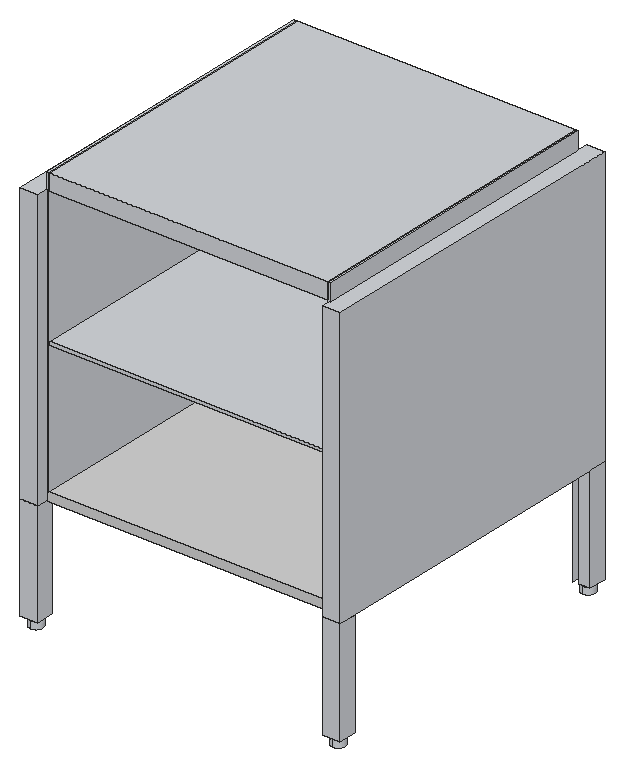
Revit family "Base_Cabinet-Brown_Jordan-ELEMENTS-Open_Base", category Casework, Revit 2026
Family settings
  Classification Number = 23.40.35.17.47
  Work Plane-Based = No
  Always vertical = Yes
  Cut with Voids When Loaded = No
  Shared = No
  Room Calculation Point = No
Parameters (values of type "24" Width - 0 Drawers - 0 Doors - 28" Depth")
  Warranty URL = "https://brownjordanoutdoorkitchens.com/wp-content/uploads/2021/10/Warranty_Combo_2020.pdf"
  Version = "2019 - V1.0b"  # constant formula
  URL = "https://brownjordanoutdoorkitchens.com/"
  Total Width [instance] = if(and(Left OSP, Right OSP), Width + 0' 3", if(Left OSP, Width + 0' 1 1/2", if(Right OSP, Width + 0' 1 1/2", Width)))  # 2' - 3"
  Total Height [instance] = Toe Height + Height  # 2' - 10 1/2"
  Interior Finish = none
  Default Elevation = 0' - 0"
  Accent Finish [instance] = none
  Support Phone = "(224) 699-9545"  # constant formula
  Support Email = "mailto: support@bimsmith.com"
  Right OSP [instance] = yes
  Product Page URL = "https://brownjordanoutdoorkitchens.com/elements/"
  Product Name = "Open Base"  # constant formula
  Product Documentation Link = "https://brownjordanoutdoorkitchens.com/wp-content/uploads/2021/12/12-2021-Product_Specifications.pdf"
  Model = if(Constraints = 1, "ELEM OBO1500", if(Constraints = 2, "ELEM OBO1800", if(Constraints = 3, "ELEM OBO2400", if(Constraints = 4, "ELEM OBO3000", "Model number Unavailable"))))  # "ELEM OBO2400"
  Manufacturer Phone Number = "203-626-5625"  # constant formula
  Manufacturer Email = "https://brownjordanoutdoorkitchens.com/contact-us/"
  Manufacturer Address = "One Grand Street, Wallingford, CT 06492"  # constant formula
  Manufacturer = "Brown Jordan Outdoor Kitchens"  # constant formula
  Left OSP [instance] = yes
  Keynote = "12 31 00"  # constant formula
  Instruction Sheet Link = "https://brownjordanoutdoorkitchens.com/wp-content/uploads/2021/10/012021_InstallationGuide_BJOK.pdf"
  Door Finish [instance] = none
  Description = "Open Base"  # constant formula
  Copyright = "©2021 Danver Outdoor Kitchens"  # constant formula
  Construction Type = "304 Grade Stainless Steel"  # constant formula
  Constraints = 3
  Assembly Code = "E2010.30"
  Cabinet Material = Metal - Danver - Stainless Steel
  Depth = 2' - 3 7/8"  # constant formula
  Height = 2' - 0 7/8"  # constant formula
  Toe Height [instance] = if(ADA, 0' 7 1/8", 0' 9 5/8")  # 0' - 9 5/8"
  Width = if(Constraints = 1, 1' 3", if(Constraints = 2, 1' 6", if(Constraints = 3, 2' 0", if(Constraints = 4, 2' 6", 1' 3"))))  # 2' - 0"
  ADA [instance] = no
Types (4): name | Total Width | Model | Constraints | Width
  15" Width - 0 Drawers - 0 Doors - 28" Depth | 1' - 6" | "ELEM OBO1500" | 1 | 1' - 3"
  18" Width - 0 Drawers - 0 Doors - 28" Depth | 1' - 9" | "ELEM OBO1800" | 2 | 1' - 6"
  24" Width - 0 Drawers - 0 Doors - 28" Depth | 2' - 3" | "ELEM OBO2400" | 3 | 2' - 0"
  30" Width - 0 Drawers - 0 Doors - 28" Depth | 2' - 9" | "ELEM OBO3000" | 4 | 2' - 6"
Reference planes (in)
  plane 1 "Center": x = 0.7377
  plane 2 "Left": x = -12.7623
  plane 3 "Right": x = 14.2377
  plane 4 "Front": y = -27
  plane 5 "Top": z = 34.5
  plane 6: z = 9.625
  plane 7: z = 10.375
  plane 8: x = -11.2623
  plane 9: x = 12.7377
  plane 10: z = 34.4375
  plane 11: x = -11.0123
  plane 12: x = 12.4877
  plane 13: y = -27.87891
  plane 14: y = -0.88391
  plane 15: y = -13.94141
  plane 16: x = -8.3823
  plane 17: x = -2.6323
  plane 18 "grill left": x = -23.2623
  plane 19: z = 33.125
  plane 20: x = 9.8627
  plane 21: x = 4.1127
  plane 22 "top of counter": z = 35.5
  plane 23: x = 0.6752
  plane 24: x = 0.8002
  plane 25: z = 33.125
  plane 26: z = 33.125
  plane 27: y = -0.00391
  plane 28: z = 21.75
  plane 29: z = 21.5
Forms (in)
  Extrusion 1, solid, material "Metal - Danver - Stainless Steel" <- "Cabinet Material"
    sketch origin (0, 0, 0) x (1, 0, 0) y (0, 1, 0)
      loop
        line (-11.2623, -0.88391) -> (-11.2623, -27) -> (12.7377, -27) -> (12.7377, -0.88391) -> (-11.2623, -0.88391)
    from 10.375 to 9.625
  Extrusion 2, solid
    sketch origin (0, -5.5, 0) x (1, 0, 0) y (0, 1, 0)
      loop
        line (-11.0123, -21.5) -> (12.4877, -21.5) -> (12.4877, 4.61609) -> (-11.0123, 4.61609) -> (-11.0123, -21.5)
    from 33.125 to 34.5
  Extrusion 3, solid, material <- "Door Finish", visible <- "Right OSP"
    sketch origin (0, -27, 0) x (1, 0, 0) y (0, 0, 1)
      loop
        line (14.2377, 9.625) -> (14.2377, 33.125) -> (12.7377, 33.125) -> (12.7377, 9.625) -> (14.2377, 9.625)
    from -26.99609 to 0.87891
  Extrusion 4, solid, material <- "Door Finish", visible <- "Left OSP"
    sketch origin (1.47541, -27, 0) x (-1, 0, 0) y (0, 0, -1)
      loop
        line (14.2377, -9.625) -> (12.7377, -9.625) -> (12.7377, -33.125) -> (14.2377, -33.125) -> (14.2377, -9.625)
    from -26.99609 to 0.87891
  Extrusion 5, solid
    sketch origin (1.47541, -27, 0.26619) x (-1, 0, 0) y (0, 0, -1)
      loop
        line (12.7377, -34.23381) -> (12.7377, -10.10881) -> (12.4877, -10.10881) -> (12.4877, -34.23381) -> (12.7377, -34.23381)
    from -26.11609 to 0
  Extrusion 6, solid
    sketch origin (0, -27, 0.26619) x (1, 0, 0) y (0, 0, 1)
      loop
        line (12.7377, 34.23381) -> (12.4877, 34.23381) -> (12.4877, 10.10881) -> (12.7377, 10.10881) -> (12.7377, 34.23381)
    from -26.11609 to 0
  Extrusion 7, solid, material <- "Interior Finish"
    sketch origin (0, -27, 0) x (1, 0, 0) y (0, 0, 1)
      loop
        line (-11.0123, 21.75) -> (-11.0123, 21.5) -> (12.4877, 21.5) -> (12.4877, 21.75) -> (-11.0123, 21.75)
    from -26.11609 to 0
Lines and regions (in)
  Masking region 1
    outline origin (-42.75, 9, 0) x (1, 0, 0) y (0, 1, 0)
      loop
        line (29.9877, -9.13391) -> (29.9877, -36) -> (56.9877, -36) -> (56.9877, -9.13391) -> (29.9877, -9.13391)
      loop
        line (55.4877, -9.88391) -> (31.4877, -9.88391) -> (31.4877, -35.25) -> (55.4877, -35.25) -> (55.4877, -9.88391)
  symbolic lines, style "Elevation Swing", detail levels medium+fine
    curve 1: line (-8.3823, -27, 11.625) -> (-8.3823, -27, 14.505)
    curve 2: line (-2.6323, -27, 14.505) -> (-2.6323, -27, 11.625)
    curve 3: line (-8.3823, -27, 35.12391) -> (-8.3823, -27, 33.125)
    curve 4: line (-2.6323, -27, 33.125) -> (-2.6323, -27, 35.12391)
    curve 5: line (4.1127, -27, 35.12391) -> (4.1127, -27, 33.125)
    curve 6: line (9.8627, -27, 33.125) -> (9.8627, -27, 35.12391)
    curve 7: line (4.1127, -27, 11.625) -> (4.1127, -27, 14.505)
    curve 8: line (9.8627, -27, 14.505) -> (9.8627, -27, 11.625)
    curve 9: line (-8.3823, -5.01391, 0) -> (-8.3823, -2.13391, 0)
    curve 10: line (-2.6323, -2.13391, 0) -> (-2.6323, -5.01391, 0)
    curve 11: line (4.1127, -5.01391, 0) -> (4.1127, -2.13391, 0)
    curve 12: line (9.8627, -2.13391, 0) -> (9.8627, -5.01391, 0)
Dimensions and locks (in)
  equal spacing: plane 2 "Left", plane 1 "Center", plane 3 "Right"
  plane 2 "Left" to plane 8 = 0' - 1 1/2"
  plane 9 to plane 3 "Right" = 0' - 1 1/2"
  locked: plane 7 to plane 6 at 0.75
  locked: plane 5 "Top" to plane 10 at 0.0625
  locked: plane 2 "Left" to plane 11 at 1.75
  locked: plane 12 to plane 3 "Right" at 1.75
  plane 18 "grill left" to plane 1 "Center" = 2' - 0"
  locked: plane 16 to plane 2 "Left" at 4.38
  locked: plane 17 to plane 16 at 5.75
  locked: plane 5 "Top" to plane 19 at 1.375
  plane 3 "Right" to plane 20 to plane 21 = 0' - 4 3/8" locked, 0' - 5 3/4" locked
  "Toe Height": plane 6 to level
  locked: plane 1 "Center" to plane 23 at 0.0625
  locked: plane 24 to plane 1 "Center" at 0.0625
  "Width": plane 8 to plane 9
  "Height": plane 5 "Top" to plane 6
  locked: plane 14 to plane 27 at 0.88
  equal spacing: plane 13, plane 15, plane 27
  "Depth": plane 13 to plane 27
  equal spacing: plane 19, plane 28, plane 7, locked at 11.375 each
  locked: plane 28 to plane 29 at 0.25
  aligned and locked: plane 7 to Extrusion 1
  aligned and locked: plane 6 to Extrusion 1
  aligned and locked: Extrusion 1 sketch curve to plane 4 "Front"
  aligned and locked: Masking region 1 sketch curve to plane 4 "Front"
  aligned and locked: Masking region 1 sketch curve to plane 9
  aligned and locked: plane 2 "Left" to Masking region 1 sketch curve
  aligned and locked: Masking region 1 sketch curve to plane 3 "Right"
  aligned and locked: curve 2 to plane 17
  aligned and locked: plane 16 to curve 1
  aligned and locked: plane 16 to curve 3
  aligned and locked: curve 4 to plane 17
  aligned and locked: curve 6 to plane 20
  aligned and locked: plane 21 to curve 5
  aligned and locked: plane 21 to curve 7
  aligned and locked: plane 4 "Front" to Extrusion 2  (x2)
  aligned and locked: Extrusion 2 to plane 14
  aligned and locked: plane 19 to Extrusion 2
  aligned and locked: Extrusion 3 sketch curve to plane 25
  aligned and locked: Extrusion 3 sketch curve to plane 3 "Right"
  aligned and locked: Extrusion 3 sketch curve to plane 9
  aligned and locked: Extrusion 3 sketch curve to plane 6
  aligned and locked: plane 26 to Extrusion 4 sketch curve
  aligned and locked: Extrusion 4 sketch curve to plane 2 "Left"
  aligned and locked: Extrusion 4 sketch curve to plane 8
  aligned and locked: plane 6 to Extrusion 4 sketch curve
  aligned and locked: Extrusion 5 sketch curve to plane 8
  aligned and locked: Extrusion 5 sketch curve to plane 11
  aligned and locked: plane 7 to Extrusion 5 sketch curve
  aligned and locked: Extrusion 6 to plane 5 "Top"
  aligned and locked: Extrusion 6 to plane 12  (x2)
  aligned and locked: Extrusion 6 to plane 9
  aligned and locked: plane 12 to Extrusion 2
  aligned and locked: Extrusion 2 to plane 11
  aligned and locked: Extrusion 1 to plane 14
  aligned and locked: plane 25 to plane 19
  aligned and locked: plane 26 to plane 19
  aligned and locked: Extrusion 2 to plane 5 "Top"
  aligned and locked: nested 2 to plane 2 "Left"
  aligned and locked: plane 2 "Left" to nested 4
  aligned and locked: nested 3 to plane 3 "Right"
  aligned and locked: plane 3 "Right" to nested 1
  aligned and locked: plane 27 to nested 1
  aligned and locked: nested 4 to plane 27
  aligned and locked: nested 3 to plane 13
  aligned and locked: plane 13 to nested 2
  aligned and locked: plane 13 to Extrusion 3
  aligned and locked: plane 27 to Extrusion 3
  aligned and locked: plane 27 to Extrusion 4
  aligned and locked: plane 13 to Extrusion 4
  aligned and locked: Extrusion 6 to plane 14
  aligned and locked: Extrusion 5 to plane 14
  aligned and locked: Extrusion 7 sketch curve to plane 28
  aligned and locked: plane 11 to Extrusion 7 sketch curve
  aligned and locked: plane 29 to Extrusion 7 sketch curve
  aligned and locked: Extrusion 7 sketch curve to plane 12
  aligned and locked: Extrusion 7 to plane 14
  aligned and locked: plane 4 "Front" to Extrusion 7
Automatic sketch dimensions
  curve 9 to plane 16 = 0' - 0"
  curve 10 to plane 17 = 0' - 0"
  curve 11 to plane 21 = 0' - 0"
  curve 12 to plane 20 = 0' - 0"
  Extrusion 1 sketch curve to plane 8 = 0' - 0"
  Extrusion 1 sketch curve to plane 9 = 0' - 0"
  Masking region 1 sketch curve to plane 8 = 0' - 0"
  plane 14 to Masking region 1 sketch curve = 0' - 0"
  plane 11 to Extrusion 2 sketch curve = 0' - 0"
  plane 9 to Extrusion 2 sketch curve = 0' - 0 1/4"
  plane 4 "Front" to Extrusion 2 sketch curve = 0' - 0"
  plane 14 to Extrusion 2 sketch curve = 0' - 0"
  Extrusion 5 sketch curve to plane 5 "Top" = 0' - 0"
  Extrusion 6 sketch curve to plane 5 "Top" = 0' - 0"
  Extrusion 6 sketch curve to plane 12 = 0' - 0"
  Extrusion 6 sketch curve to plane 7 = 0' - 0"
  plane 9 to Extrusion 6 sketch curve = 0' - 0"
  Masking region 1 sketch curve to plane 27 = 0' - 0.13"
  plane 14 to Extrusion 1 sketch curve = 0' - 0"
  plane 14 to curve 11 = 0' - 1 1/4"
  plane 14 to curve 12 = 0' - 1 1/4"
  plane 14 to curve 10 = 0' - 1 1/4"
  plane 14 to curve 9 = 0' - 1 1/4"
  Masking region 1 sketch curve to plane 4 "Front" = 0' - 0 3/4"
  curve 9 to curve 9 = 0' - 2.88"
  curve 10 to curve 10 = 0' - 2.88"
  curve 11 to curve 11 = 0' - 2.88"
  curve 12 to curve 12 = 0' - 2.88"
  curve 6 to plane 19 = 0' - 0"
  curve 6 to plane 20 = 0' - 0"
  curve 8 to plane 20 = 0' - 0"
  curve 3 to plane 19 = 0' - 0"
  curve 4 to plane 19 = 0' - 0"
  curve 5 to plane 19 = 0' - 0"
  plane 7 to curve 8 = 0' - 1 1/4"
  plane 7 to curve 1 = 0' - 1 1/4"
  plane 7 to curve 2 = 0' - 1 1/4"
  plane 7 to curve 7 = 0' - 1 1/4"
  curve 8 to curve 8 = 0' - 2.88"
  curve 7 to curve 7 = 0' - 2.88"
  curve 1 to curve 1 = 0' - 2.88"
  curve 2 to curve 2 = 0' - 2.88"
  plane 22 "top of counter" to curve 6 = 0' - 0.37609"
  plane 22 "top of counter" to curve 5 = 0' - 0.37609"
  plane 22 "top of counter" to curve 4 = 0' - 0.37609"
  plane 22 "top of counter" to curve 3 = 0' - 0.37609"
Nested families (in)
  nested 1: "Foot" at (13.4877, -0.76178, 0) x (0, -1, 0) z (0, 0, 1), visible <- "Right OSP", type "Standard"
    with Height 0' - 9 161/256", C_Heigth 0' - 8 225/256"
  nested 2: "Foot" at (-12.0123, -27.12104, 0) x (0, 1, 0) z (0, 0, 1), visible <- "Left OSP", type "Standard"
    with Height 0' - 9 161/256", C_Heigth 0' - 8 225/256"
  nested 3: "Foot" at (13.4877, -27.12104, 0) x (0, 1, 0) z (0, 0, 1), visible <- "Right OSP", type "Standard"
    with Height 0' - 9 161/256", C_Heigth 0' - 8 225/256"
  nested 4: "Foot" at (-12.0123, -0.76178, 0) x (0, -1, 0) z (0, 0, 1), visible <- "Left OSP", type "Standard"
    with Height 0' - 9 161/256", C_Heigth 0' - 8 225/256"
Definition of nested family "Foot"
  Parameters (values of type "ADA")
    Default Elevation = 0' - 0"
    Cover Material = none
    C_Heigth [instance] = Height - 0' 0 3/4"  # 0' - 6 97/256"
    ADA = yes
    Material = none
    Height [instance] = if(ADA, 0' 7 33/256", 0' 9 161/256")  # 0' - 7 33/256"
  Types (4): name | C_Heigth | ADA | Height
    ADA | 0' - 6 97/256" | yes | 0' - 7 33/256"
    Standard | 0' - 8 225/256" | no | 0' - 9 161/256"
    Stainless Steel Tapered Foot | 0' - 6 97/256" | yes | 0' - 7 33/256"
    Standard with SS Leg Cover | 0' - 6 97/256" | yes | 0' - 7 33/256"
  Reference planes (in)
    plane 1 "Center (Front/Back)": y = 0
    plane 2: z = 0
    plane 3 "Center (Left/Right)": x = 0
    plane 4 "Top": z = 7.12891
    plane 5 "Center L/S": z = 7.06641
    plane 6 "Center L/T": z = 6.12891
    plane 7 "Center L/W": z = 0.53906
  Forms (in)
    Extrusion 1, solid, material <- "Material"
      sketch origin (0, 0, 0) x (1, 0, 0) y (0, 1, 0)
        loop
          circle (0, 0) r 0.33236
      from 0.53906 to 6.12891
    Extrusion 2, solid, material <- "Material"
      sketch origin (0, 0, 0) x (1, 0, 0) y (0, 1, 0)
        loop
          circle (0, 0) r 0.65565
      from 6.12891 to 7.06641
    Extrusion 3, solid, material <- "Material"
      sketch origin (0, 0, 0) x (1, 0, 0) y (0, 1, 0)
        loop
          circle (0, 0) r 0.65565
      from 7.06641 to 7.12891 <- "Height"
    Extrusion 4, solid, material <- "Material"
      sketch origin (0, 0, 0) x (1, 0, 0) y (0, 1, 0)
        loop
          circle (0, 0) r 0.57999
      from 0 to 0.53906
  Dimensions and locks (in)
    "Height": plane 4 "Top" to level
    plane 4 "Top" to plane 5 "Center L/S" to plane 6 "Center L/T" = 0' - 0 1/16" locked, 0' - 0 15/16" locked
    locked: plane 7 "Center L/W" to level at 0.53906
    aligned and locked: plane 2 to level
    aligned and locked: plane 5 "Center L/S" to Extrusion 3
    aligned and locked: Extrusion 2 to plane 5 "Center L/S"
    aligned and locked: plane 6 "Center L/T" to Extrusion 2
    aligned and locked: Extrusion 1 to plane 6 "Center L/T"
    aligned and locked: Extrusion 4 to level
    aligned and locked: level to Extrusion 4
    aligned and locked: nested 1 to plane 4 "Top"
    aligned and locked: plane 7 "Center L/W" to Extrusion 1
  Automatic sketch dimensions
    plane 1 "Center (Front/Back)" to Extrusion 3 sketch curve = 0' - 0"
    Extrusion 3 sketch curve to plane 3 "Center (Left/Right)" = 0' - 0"
    plane 1 "Center (Front/Back)" to Extrusion 1 sketch curve = 0' - 0"
    Extrusion 1 sketch curve to plane 3 "Center (Left/Right)" = 0' - 0"
    plane 1 "Center (Front/Back)" to Extrusion 4 sketch curve = 0' - 0"
    Extrusion 4 sketch curve to plane 3 "Center (Left/Right)" = 0' - 0"
    plane 1 "Center (Front/Back)" to Extrusion 2 sketch curve = 0' - 0"
    Extrusion 2 sketch curve to plane 3 "Center (Left/Right)" = 0' - 0"
    radius of Extrusion 3 sketch curve = 0' - 0.65565"
    radius of Extrusion 1 sketch curve = 0' - 0.33236"
    radius of Extrusion 4 sketch curve = 0' - 0.57999"
    radius of Extrusion 2 sketch curve = 0' - 0.65565"
  Nested families (in)
    nested 1: "SS Leg Cover" at (-0.33236, -0.75, 0.75), type "SS Leg Cover"
  Definition of nested family "SS Leg Cover"
    Parameters (values of type "SS Leg Cover")
      Height = 0' - 6 97/256"
      Foot Cover Material = none
      Default Elevation = 0' - 0"
    Reference planes (in)
      plane 1 "Center (Front/Back)": y = 0
      plane 2: z = 0
      plane 3 "Center (Left/Right)": x = 0
    Forms (in)
      Extrusion 1, solid, material <- "Foot Cover Material"
        sketch origin (0, 0, 0) x (1, 0, 0) y (0, 1, 0)
          loop
            line (-0.42551, 1.5) -> (-0.42551, 0) -> (1.07449, 0) -> (1.07449, 0.0625) -> (-0.32329, 0.0625) -> (-0.32329, 1.4375) -> (1.01199, 1.4375) -> (1.01199, 0.5625) -> (1.07449, 0.5625) -> (1.07449, 1.5) -> (-0.42551, 1.5)
        from 0 to 6.37891 <- "Height"
    Dimensions and locks (in)
      Extrusion 1 sketch curve to Extrusion 1 sketch curve = 0' - 1 1/2"  (x2)
      locked: Extrusion 1 sketch curve to Extrusion 1 sketch curve at 0.10222
      locked: Extrusion 1 sketch curve to Extrusion 1 sketch curve at 0.0625  (x2)
      aligned and locked: plane 2 to level
